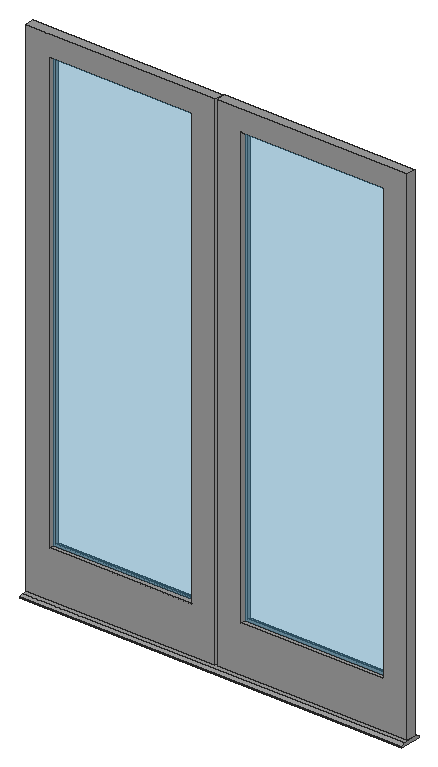
Revit family "ArmorOne-Entrance-MediumStile-GearHinge-Pairs_Arc", category Curtain Panels, Revit 2017
Family settings
  OmniClass Number = 23.25.20.14.11.11.17
  OmniClass Title = Infill Panels
  Always vertical = Yes
  Cut with Voids When Loaded = No
  Shared = No
Parameters
  Width [instance] = 6' - 2"
  Wide Stile Entrance [instance] = not(Medium Stile Entrance)  # no
  URL = "obe.com"
  Rough Width [instance] = 6' - 0"
  Offset [instance] = 0' - 0"
  Model = "AO DOOR"
  Min Panel Width [instance] = if(Rough Width > 5' 11 255/256", Rough Width, 6' 0")  # 6' - 0"
  Medium Stile Entrance [instance] = yes
  Manufacturer = "Oldcastle BuildingEnvelope®"
  Keynote = "08 11 00"
  Height [instance] = 8' - 0"
  Glass Material = Glass
  Frame Material = Aluminum
  Door Panel Height [instance] = Height + 0' 0 1/2"  # 8' - 0 1/2"
  Description = "ArmorOne Medium/Wide Stile Entrance  - 7/16\" Infill"
  Assembly Code = "B2030"
  Analytic Construction = "<None>"
  8 Bottom Rail [instance] = yes
  10 Bottom Rail [instance] = not([8 Bottom Rail])  # no
Reference planes (in)
  plane 1 "Front": y = 0
  plane 2: z = 0
  plane 3 "Center (Left/Right)": x = 0
  plane 4 "Left": x = -37
  plane 5 "Right": x = 37
  plane 6 "Top": z = 96
  plane 7: x = -36
  plane 8: x = 36
Text (in)
  text "Exterior" at (-54.29358, 31.38743, 0), in view "Ref. Level"
  text "Exterior" at (480, 41.53993, 89.60405), in view "Right"
  text "Exterior" at (-240, 57.82419, 105.78864), in view "Left"
Dimensions and locks (in)
  equal spacing: plane 4 "Left", plane 3 "Center (Left/Right)", plane 5 "Right"
  "Width": plane 4 "Left" to plane 5 "Right"
  "Height": plane 6 "Top" to plane 2
  equal spacing: plane 7, plane 3 "Center (Left/Right)", plane 8
  "Min Panel Width": plane 7 to plane 8
  aligned and locked: level to plane 2
  aligned and locked: plane 3 "Center (Left/Right)" to nested 1
  aligned and locked: plane 1 "Front" to nested 1
Nested families (in)
  nested 1: "Double Door-Panel" at (0, -16, 0), Frame Material <- "Frame Material", Glass Material <- "Glass Material", 8 Bottom Rail <- "8 Bottom Rail", Width <- "Min Panel Width", Height <- "Door Panel Height", Offset <- "Offset", Medium Stile Entrance <- "Medium Stile Entrance", type "MS-375 DOOR-Double-1-Panel"
    with Wing Width 3' - 0", built-in parameter 1001301 6' - 0", Wide Stile Entrance no, Pushbar Height 3' - 5 1/4", Offset 0' - 0", Medium Stile Entrance yes, built-in parameter 1001300 8' - 0 1/2", Glass Material Glass, Frame Material Aluminum, Edge of meeting stiles 0' - 4 1/32", Edge of door panel 0' - 4 1/16", Bottom Rail 0' - 8 59/64", 8 Bottom Rail yes, 10 Bottom Rail no
Definition of nested family "Double Door-Panel"
  Parameters (values of type "MS-375 DOOR-Double-1-Panel")
    Wing Width [instance] = Width / 2  # 2' - 6"
    Width [instance] = 5' - 0"
    Wide Stile Entrance [instance] = not(Medium Stile Entrance)  # no
    Offset [instance] = 0' - 11.1405"
    Medium Stile Entrance [instance] = yes
    Height [instance] = 8' - 0"
    Pushbar Height [instance] = 3' - 5 1/4"  # constant formula
    Glass Material [instance] = none
    Frame Material [instance] = none
    Edge of meeting stiles [instance] = if(Medium Stile Entrance, 0' 4 1/32", if(Wide Stile Entrance, 0' 5 9/32", 0' 4 1/32"))  # 0' - 4 1/32"
    Edge of door panel [instance] = if(Medium Stile Entrance, 0' 4 1/16", if(Wide Stile Entrance, 0' 5 5/16", 0' 4 1/16"))  # 0' - 4 1/16"
    Bottom Rail [instance] = if([8 Bottom Rail], 0' 8 59/64", 0' 10 59/64")  # 0' - 8 59/64"
    Analytic Construction = "<None>"
    10 Bottom Rail [instance] = not([8 Bottom Rail])  # no
    8 Bottom Rail [instance] = yes
  Reference planes (in)
    plane 1 "00": y = 4.125
    plane 2: z = 0
    plane 3 "Center (Left/Right)": x = 0
    plane 4: z = 96
    plane 5: x = -30
    plane 6: x = 30
    plane 7 "Center (Front/Back)": y = 16
    plane 8 "Exterior": y = 4.5625
    plane 9: z = 48
    plane 10: z = 8.92187
    plane 11: z = 92.125
    plane 12: z = 0
    plane 13 "Offset": y = 4.8595
  Forms (in)
    Sweep 1, solid, material <- "Frame Material"
      path origin (0, 4.125, 0) x (1, 0, 0) y (0, 0, 1)
        loop
          line (-29.79555, 96) -> (-0.22004, 96)
      profile origin (-15.00779, 4.125, 96) x (0, 0, 1) y (0, -1, 0)
        loop
          line (-0.625, -0.672) -> (-0.625, 1.078) -> (-2.87093, 1.078) -> (-4.437, 1.078) -> (-4.437, 0.215) -> (-3.84375, 0.215) -> (-3.84375, -0.215) -> (-4.625, -0.215) -> (-4.625, -0.672) -> (-2.87093, -0.672) -> (-0.625, -0.672)
    Sweep 2, solid, material <- "Frame Material"
      path origin (0, 4.125, 0) x (1, 0, 0) y (0, 0, 1)
        loop
          line (-0.22004, 0) -> (-29.79555, 0)
      profile origin (-15.00779, 4.125, 0) x (0, 0, -1) y (0, -1, 0)
        loop
          line (-4.94906, -0.672) -> (-0.6875, -0.672) -> (-0.6875, 1.078) -> (-4.94906, 1.078) -> (-9.49949, 1.078) -> (-9.49949, 0.215) -> (-8.92187, 0.215) -> (-8.92187, -0.215) -> (-9.68749, -0.215) -> (-9.68749, -0.672) -> (-4.94906, -0.672)
    Sweep 3, solid, material <- "Frame Material"
      path origin (0, 4.125, 0) x (1, 0, 0) y (0, 0, 1)
        loop
          line (29.24042, 95.375) -> (29.24042, 0.6875)
      profile origin (29.24042, 4.125, 48.03125) x (0, -1, 0) y (1, 0, 0)
        loop
          line (-0.672, 0.55758) -> (-0.672, -1.45435) -> (-0.672, -4.08417) -> (-0.21513, -4.08417) -> (-0.21513, -3.30292) -> (0.215, -3.30292) -> (0.215, -3.89617) -> (1.078, -3.89617) -> (1.078, -1.45435) -> (1.078, 0.55683) -> (-0.672, 0.66583) -> (-0.672, 0.55758)
    Sweep 4, solid, material <- "Frame Material"
      path origin (0, 4.125, 0) x (1, 0, 0) y (0, 0, 1)
        loop
          line (-29.25, 95.375) -> (-29.25, 0.6875)
      profile origin (-29.25, 4.125, 48.03125) x (0, -1, 0) y (1, 0, 0)
        loop
          line (-0.672, -0.65455) -> (1.078, -0.54555) -> (1.078, 1.46393) -> (1.078, 3.90575) -> (0.215, 3.90575) -> (0.215, 3.3125) -> (-0.215, 3.3125) -> (-0.215, 4.09375) -> (-0.672, 4.09375) -> (-0.672, 1.46393) -> (-0.672, -0.65455)
    Sweep 5, solid, material <- "Frame Material"
      path origin (0, 4.125, 0) x (1, 0, 0) y (0, 0, 1)
        loop
          line (0, 95.375) -> (0, 0.6875)
      profile origin (0, 4.125, 48.03125) x (0, -1, 0) y (1, 0, 0)
        loop
          line (-0.672, -0.17438) -> (-0.672, -2.18343) -> (-0.672, -4.8125) -> (-0.21513, -4.8125) -> (-0.21513, -4.03125) -> (0.215, -4.03125) -> (0.215, -4.6245) -> (1.078, -4.6245) -> (1.078, -2.18343) -> (1.078, -0.22063)
          arc (1.078, -0.22063) -> (0.20714, -0.04083) -> (-0.672, -0.17438) r 2.52255
        loop
          arc (-0.672, 0.22063) -> (0.2073, 0.08458) -> (1.078, 0.26781) r 2.47882
          line (1.078, 0.26781) -> (1.078, 2.18343) -> (1.078, 4.6245) -> (0.215, 4.6245) -> (0.215, 4.03125) -> (-0.21513, 4.03125) -> (-0.21513, 4.8125) -> (-0.672, 4.8125) -> (-0.672, 2.18343) -> (-0.672, 0.22063)
    Sweep 6, solid, material <- "Frame Material"
      path origin (0, 4.125, 0) x (1, 0, 0) y (0, 0, 1)
        loop
          line (0.22004, 96) -> (29.79725, 96)
      profile origin (15.00864, 4.125, 96) x (0, 0, 1) y (0, -1, 0)
        loop
          line (-0.625, -0.672) -> (-0.625, 1.078) -> (-2.77706, 1.078) -> (-4.46825, 1.078) -> (-4.46825, 0.215) -> (-3.875, 0.215) -> (-3.875, -0.215) -> (-4.65625, -0.215) -> (-4.65625, -0.672) -> (-2.77706, -0.672) -> (-0.625, -0.672)
    Sweep 7, solid, material <- "Frame Material"
      path origin (0, 4.125, 0) x (1, 0, 0) y (0, 0, 1)
        loop
          line (29.79725, 0) -> (0.22004, 0)
      profile origin (15.00864, 4.125, 0) x (0, 0, -1) y (0, -1, 0)
        loop
          line (-3.49593, -0.672) -> (-0.6875, -0.672) -> (-0.6875, 1.078) -> (-3.49593, 1.078) -> (-9.49949, 1.078) -> (-9.49949, 0.215) -> (-8.92187, 0.215) -> (-8.92187, -0.215) -> (-9.68749, -0.215) -> (-9.68749, -0.672) -> (-3.49593, -0.672)
    Extrusion 8, solid, material <- "Glass Material", detail levels coarse
      sketch origin (0, 0, 0) x (1, 0, 0) y (0, 1, 0)
        loop
          line (4.03125, 4.34) -> (4.03125, 3.91) -> (25.9375, 3.91) -> (25.9375, 4.34) -> (4.03125, 4.34)
      from 92.125 to 8.92188
    Extrusion 9, solid, material <- "Glass Material", detail levels medium+fine
      sketch origin (0, 0, 0) x (1, 0, 0) y (0, 1, 0)
        loop
          line (4.03125, 3.91) -> (25.9375, 3.91) -> (25.9375, 4.035) -> (4.03125, 4.035) -> (4.03125, 3.91)
        loop
          line (25.9375, 4.34) -> (4.03125, 4.34) -> (4.03125, 4.215) -> (25.9375, 4.215) -> (25.9375, 4.34)
      from 8.92188 to 92.125
    Extrusion 10, solid, material <- "Glass Material", detail levels medium+fine
      sketch origin (0, 0, 0) x (1, 0, 0) y (0, 1, 0)
        loop
          line (-25.9375, 3.91) -> (-4.03125, 3.91) -> (-4.03125, 4.035) -> (-25.9375, 4.035) -> (-25.9375, 3.91)
        loop
          line (-4.03125, 4.34) -> (-25.9375, 4.34) -> (-25.9375, 4.215) -> (-4.03125, 4.215) -> (-4.03125, 4.34)
      from 8.92188 to 92.125
    Extrusion 11, solid, material <- "Glass Material", detail levels coarse
      sketch origin (0, 0, 0) x (1, 0, 0) y (0, 1, 0)
        loop
          line (-25.9375, 4.34) -> (-25.9375, 3.91) -> (-4.03125, 3.91) -> (-4.03125, 4.34) -> (-25.9375, 4.34)
      from 8.92188 to 92.125
    Sweep 12, solid, material <- "Frame Material"
      path origin (0, 4.8595, 0) x (1, 0, 0) y (0, 0, 1)
        loop
          line (-29.798, 0) -> (29.798, 0)
      profile origin (0, 4.8595, 0) x (0, 0, 1) y (0, -1, 0)
        loop
          line (0.5, 2.46847) -> (0.19362, 3.1255) -> (0, 3.1255) -> (0, -0.8745) -> (0.19362, -0.8745) -> (0.5, -0.21747) -> (0.5, 2.46847)
  Cuts and joins
    joined: Sweep 1, Sweep 2, Sweep 3, Sweep 4, Sweep 5, Sweep 6, Sweep 7
  Lines and regions (in)
    model lines
      curve 1: line (4.5625, 4.5625, 91.84375) -> (25.9375, 4.5625, 48.02216)
      curve 2: line (25.9375, 4.5625, 48.02216) -> (4.6245, 4.5625, 9.20312)
      curve 3: line (-4.8125, 4.5625, 91.84375) -> (-25.407, 4.5625, 48)
      curve 4: line (-25.407, 4.5625, 48) -> (-4.8125, 4.5625, 9.20312)
  Dimensions and locks (in)
    "Height": plane 4 to level
    equal spacing: plane 5, plane 3 "Center (Left/Right)", plane 6
    "Width": plane 5 to plane 6
    plane 1 "00" to plane 8 "Exterior" to plane 13 "Offset" = 0' - 0 7/16" locked, 0' - 0.297" locked
    equal spacing: level, plane 9, plane 4
    locked: plane 3 "Center (Left/Right)" to Sweep 2 sketch curve at 0.22004
    locked: Sweep 3 sketch curve to plane 4 at 0.625
    locked: Sweep 4 sketch curve to plane 4 at 0.625
    locked: plane 3 "Center (Left/Right)" to Sweep 1 sketch curve at 0.22004
    locked: Sweep 6 sketch curve to plane 3 "Center (Left/Right)" at 0.22004
    locked: Sweep 7 sketch curve to plane 3 "Center (Left/Right)" at 0.22004
    locked: Sweep 5 sketch curve to plane 4 at 0.625
    "Bottom Rail": plane 10 to plane 2
    locked: Sweep 7 sketch curve to plane 10 at 0.57761
    locked: Sweep 7 sketch curve to plane 10 at 0.76561
    locked: Sweep 2 sketch curve to plane 10 at 0.57761
    locked: Sweep 2 sketch curve to plane 10 at 0.76561
    equal spacing: plane 4, plane 9, plane 12
    locked: plane 11 to Sweep 6 sketch curve at 0.59325
    locked: plane 11 to Sweep 6 sketch curve at 0.78125
    locked: plane 4 to plane 11 at 3.875
    Extrusion 10 sketch curve to Extrusion 10 sketch curve to plane 1 "00" to Extrusion 10 sketch curve to Extrusion 10 sketch curve = 0' - 0 1/8" locked, 0' - 0.09" locked, 0' - 0.09" locked, 0' - 0 1/8" locked
    Extrusion 11 sketch curve to plane 1 "00" to Extrusion 11 sketch curve = 0' - 0.215" locked, 0' - 0.215" locked
    Extrusion 9 sketch curve to Extrusion 9 sketch curve to plane 1 "00" to Extrusion 9 sketch curve to Extrusion 9 sketch curve = 0' - 0 1/8" locked, 0' - 0.09" locked, 0' - 0.09" locked, 0' - 0 1/8" locked
    Extrusion 8 sketch curve to plane 1 "00" to Extrusion 8 sketch curve = 0' - 0.215" locked, 0' - 0.215" locked
    "Offset": plane 13 "Offset" to plane 7 "Center (Front/Back)"
    locked: plane 6 to Sweep 12 sketch curve at 0.202
    locked: Sweep 12 sketch curve to plane 5 at 0.202
    locked: Sweep 4 sketch curve to plane 12 at 0.6875
    locked: Sweep 5 sketch curve to plane 12 at 0.6875
    locked: Sweep 3 sketch curve to plane 12 at 0.6875
    "Edge of door panel": plane 5 to Sweep 4 sketch curve
    Sweep 4 sketch curve to Sweep 4 sketch curve to Sweep 4 sketch curve = 0' - 0.59325" locked, 0' - 0.188" locked
    "Edge of door panel": Sweep 3 sketch curve to plane 6
    Sweep 3 sketch curve to Sweep 3 sketch curve to Sweep 3 sketch curve = 0' - 0.188" locked, 0' - 0.59325" locked
    "Edge of meeting stiles": Sweep 5 sketch curve to plane 3 "Center (Left/Right)"
    "Edge of meeting stiles": plane 3 "Center (Left/Right)" to Sweep 5 sketch curve
    Sweep 5 sketch curve to Sweep 5 sketch curve to Sweep 5 sketch curve = 0' - 0.188" locked, 0' - 0.59325" locked
    Sweep 5 sketch curve to Sweep 5 sketch curve to Sweep 5 sketch curve = 0' - 0.59325" locked, 0' - 0.188" locked
    Sweep 4 sketch curve to Sweep 4 sketch curve to Sweep 4 sketch curve to Sweep 4 sketch curve to plane 13 "Offset" = 0' - 0.863" locked, 0' - 0.43" locked, 0' - 0.457" locked, 0' - 0 1/16" locked
    Sweep 5 sketch curve to Sweep 5 sketch curve to Sweep 5 sketch curve to Sweep 5 sketch curve to plane 13 "Offset" = 0' - 0.863" locked, 0' - 0.43012" locked, 0' - 0.45687" locked, 0' - 0 1/16" locked  (x2)
    Sweep 3 sketch curve to Sweep 3 sketch curve to Sweep 3 sketch curve to Sweep 3 sketch curve to plane 13 "Offset" = 0' - 0.863" locked, 0' - 0.43012" locked, 0' - 0.45687" locked, 0' - 0 1/16" locked
    aligned and locked: plane 2 to level
    aligned and locked: Sweep 1 sketch curve to plane 4
    aligned and locked: Sweep 2 sketch curve to level
    aligned and locked: plane 3 "Center (Left/Right)" to Sweep 5 sketch curve
    aligned and locked: Sweep 7 sketch curve to level
    aligned and locked: plane 4 to Sweep 6 sketch curve
    aligned and locked: Extrusion 10 to plane 10
    aligned and locked: Extrusion 11 to plane 10
    aligned and locked: Extrusion 9 to plane 10
    aligned and locked: Extrusion 8 to plane 10
    aligned and locked: plane 9 to curve 3
    aligned and locked: Sweep 12 sketch curve to plane 12
    aligned and locked: Sweep 7 sketch curve to plane 10
    aligned and locked: Extrusion 9 to Sweep 3  (x2)
    aligned and locked: Extrusion 9 to Sweep 5  (x2)
    aligned and locked: Extrusion 8 to Sweep 5
    aligned and locked: Extrusion 8 to Sweep 3
    aligned and locked: Extrusion 10 to Sweep 5  (x2)
    aligned and locked: Extrusion 10 to Sweep 4  (x2)
    aligned and locked: Extrusion 11 to Sweep 5
    aligned and locked: Extrusion 11 to Sweep 4
    aligned and locked: plane 11 to Extrusion 11
    aligned and locked: plane 11 to Extrusion 10
    aligned and locked: plane 11 to Sweep 6 sketch curve
    aligned and locked: plane 11 to Extrusion 9
    aligned and locked: plane 11 to Extrusion 8
  Automatic sketch dimensions
    plane 3 "Center (Left/Right)" to Extrusion 8 sketch curve = 0' - 4 1/32"
    plane 3 "Center (Left/Right)" to Extrusion 9 sketch curve = 0' - 4 1/32"
    Extrusion 9 sketch curve to Extrusion 9 sketch curve = 0' - 0"  (x2)
    Extrusion 10 sketch curve to Extrusion 10 sketch curve = 0' - 0"  (x2)
    Extrusion 10 sketch curve to plane 3 "Center (Left/Right)" = 0' - 4 1/32"
    Extrusion 11 sketch curve to plane 3 "Center (Left/Right)" = 0' - 4 1/32"
    plane 5 to Sweep 1 sketch curve = 0' - 0.20445"
    plane 5 to Sweep 2 sketch curve = 0' - 0.20445"
    Sweep 3 sketch curve to plane 6 = 0' - 0.75958"
    plane 5 to Sweep 4 sketch curve = 0' - 0 3/4"
    Sweep 6 sketch curve to plane 6 = 0' - 0.20275"
    Sweep 7 sketch curve to plane 6 = 0' - 0.20275"
    Extrusion 8 sketch curve to plane 6 = 0' - 4 1/16"
    Extrusion 9 sketch curve to plane 6 = 0' - 4 1/16"
    plane 5 to Extrusion 10 sketch curve = 0' - 4 1/16"
    plane 5 to Extrusion 11 sketch curve = 0' - 4 1/16"
    plane 5 to curve 3 = 0' - 4.593"
    plane 9 to curve 2 = 0' - 0.02216"
    curve 1 to plane 11 = 0' - 0 9/32"
    plane 3 "Center (Left/Right)" to curve 1 = 0' - 4 9/16"
    plane 10 to curve 4 = 0' - 0 9/32"
    plane 10 to curve 2 = 0' - 0 9/32"
    curve 3 to plane 11 = 0' - 0 9/32"
    curve 4 to plane 3 "Center (Left/Right)" = 0' - 4 13/16"
    curve 3 to plane 3 "Center (Left/Right)" = 0' - 4 13/16"
    plane 3 "Center (Left/Right)" to curve 2 = 0' - 4.6245"
    curve 2 to plane 6 = 0' - 4 1/16"
    Sweep 1 sketch curve to plane 1 "00" = 0' - 0.215"
    profile plane to Sweep 1 sketch curve = 0' - 4 5/8"
    plane 1 "00" to Sweep 1 sketch curve = 0' - 0.215"
    Sweep 1 sketch curve to Sweep 1 sketch curve = 0' - 0.188"
    Sweep 1 sketch curve to Sweep 1 sketch curve = 0' - 0.59325"
    Sweep 1 sketch curve to Sweep 1 sketch curve = 0' - 0.97282"  (x2)
    profile plane to Sweep 1 sketch curve = 0' - 0 5/8"
    Sweep 1 sketch curve to plane 1 "00" = 0' - 0.672"
    plane 1 "00" to Sweep 1 sketch curve = 0' - 1.078"
    Sweep 6 sketch curve to Sweep 6 sketch curve = 0' - 1.09794"  (x2)
    profile plane to Sweep 6 sketch curve = 0' - 0 5/8"
    Sweep 6 sketch curve to plane 1 "00" = 0' - 0.672"
    Sweep 6 sketch curve to plane 1 "00" = 0' - 0.215"
    plane 1 "00" to Sweep 6 sketch curve = 0' - 0.215"
    plane 1 "00" to Sweep 6 sketch curve = 0' - 1.078"
    plane 1 "00" to Sweep 7 sketch curve = 0' - 1.078"
    profile plane to Sweep 7 sketch curve = 0' - 3.49593"
    Sweep 7 sketch curve to plane 1 "00" = 0' - 0.672"
    Sweep 7 sketch curve to Sweep 7 sketch curve = 0' - 0"
    profile plane to Sweep 7 sketch curve = 0' - 0 11/16"
    Sweep 7 sketch curve to plane 1 "00" = 0' - 0.215"
    plane 1 "00" to Sweep 7 sketch curve = 0' - 0.215"
    plane 1 "00" to Sweep 2 sketch curve = 0' - 0.215"
    Sweep 2 sketch curve to Sweep 2 sketch curve = 0' - 0.57761"
    plane 1 "00" to Sweep 2 sketch curve = 0' - 1.078"
    Sweep 2 sketch curve to Sweep 2 sketch curve = 0' - 3.97282"
    Sweep 2 sketch curve to plane 1 "00" = 0' - 0.672"
    Sweep 2 sketch curve to Sweep 2 sketch curve = 0' - 0"
    profile plane to Sweep 2 sketch curve = 0' - 0 11/16"
    Sweep 2 sketch curve to plane 1 "00" = 0' - 0.215"
    profile plane to Sweep 12 sketch curve = 0' - 0"
    Sweep 12 sketch curve to Sweep 12 sketch curve = 0' - 0.19362"  (x2)
    Sweep 12 sketch curve to plane 13 "Offset" = 0' - 0.21747"
    Sweep 12 sketch curve to profile plane = 0' - 0 1/2"
    Sweep 12 sketch curve to plane 13 "Offset" = 0' - 0.8745"
    plane 13 "Offset" to Sweep 12 sketch curve = 0' - 3.1255"
    Sweep 12 sketch curve to Sweep 12 sketch curve = 0' - 0.65703"
    profile plane to Sweep 3 sketch curve = 0' - 1.45435"  (x2)
    Sweep 3 sketch curve to profile plane = 0' - 0.55683"
    Sweep 3 sketch curve to profile plane = 0' - 0.55758"
    Sweep 3 sketch curve to Sweep 3 sketch curve = 0' - 0.10825"
    Sweep 4 sketch curve to profile plane = 0' - 1.46393"  (x2)
    profile plane to Sweep 4 sketch curve = 0' - 0.54555"
    profile plane to Sweep 4 sketch curve = 0' - 0.65455"
    plane 1 "00" to Sweep 5 sketch curve = 0' - 0.1405"  (x2)
    Sweep 5 sketch curve to Sweep 5 sketch curve = 0' - 1 15/32"
    Sweep 5 sketch curve to Sweep 5 sketch curve = 0' - 0.37907"  (x4)
    profile plane to Sweep 5 sketch curve = 0' - 0.22063"
    Sweep 5 sketch curve to profile plane = 0' - 0.22063"
    Sweep 5 sketch curve to profile plane = 0' - 0.26781"
